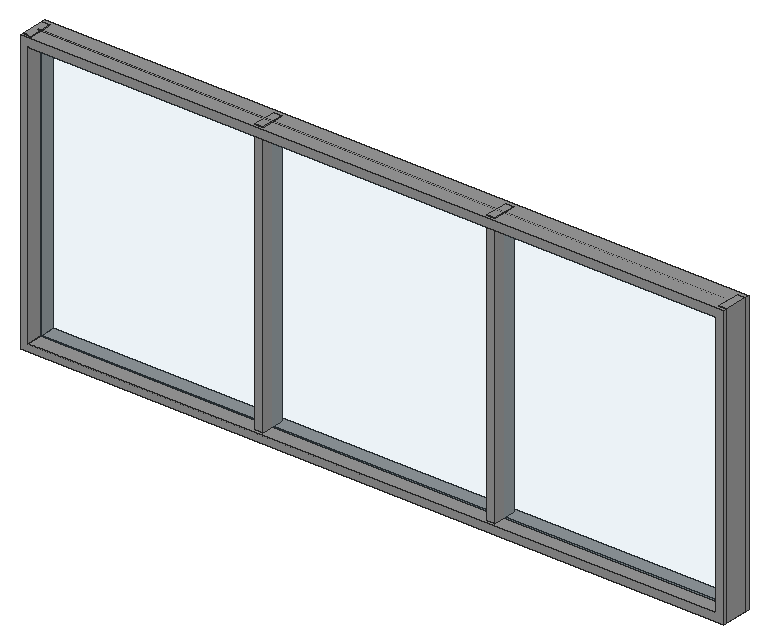
Revit family "CodeskBIM_Curtain_Window__Adaptive", category Windows, host Wall, Revit 2021
Family settings
  Host = Wall
  OmniClass Number = 23.30.20.00
  OmniClass Title = Windows
  Always vertical = Yes
  Cut with Voids When Loaded = No
  Shared = No
  Room Calculation Point = No
Parameters (values of type "(900.W X 700.H)")
  frame Material = Zinc
  Vertical Grid Spacing = 0 mm
  Vertical Curtain Grids = 4
  Transom Height = 360 mm
  Show/Hide Transom [instance] = no
  Height = 1800 mm
  Glass = Glass
  Frame Thickness = 50 mm
  Frame Length = 150 mm
  Define Thermal Properties by = Schematic Type
  Wall Closure = By host
  Width = 4500 mm
  Analytic Construction = "<None>"
Reference planes
  plane 1 "Center (Front/Back)": y = 0
  plane 2 "Center (Left/Right)": x = 0
  plane 3 "Left": x = -2250
  plane 4 "Right": x = 2250
  plane 5 "Sill": z = 900
  plane 6 "Head": z = 2700
  plane 7 "Exterior": y = 100
  plane 8 "Interior": y = -100
  plane 9: z = 2340
  plane 10 "2": x = -2200
  plane 11 "3": x = 2200
  plane 12: y = 75
  plane 13: y = -75
  plane 14: z = 1800
Forms (mm)
  Sweep 1, solid, material "Zinc" <- "frame Material"
    path origin (0, -100, 0) x (1, 0, 0) y (0, 0, 1)
      loop
        line (-2250, 900) -> (2250, 900) -> (2250, 2700) -> (-2250, 2700) -> (-2250, 900)
    profile origin (-2250, -100, 1800) x (-1, 0, 0) y (0, -1, 0)
      loop
        line (0, 0) -> (-50, 0) -> (-50, -94) -> (-34.618, -94) -> (-34.618, -106) -> (-50, -106) -> (-50, -200) -> (0, -200) -> (0, 0)
  Extrusion 2, solid, material "Glass" <- "Glass"
    sketch origin (-5000, 100, 0) x (-1, 0, 0) y (0, 0, 1)
      loop
        line (-7200, 2700) -> (-7200, 900) -> (-2784.618, 900) -> (-2784.618, 2700) -> (-7200, 2700)
    from -94 to -106
  Extrusion 3, solid, material "Zinc" <- "frame Material", visible <- "Show/Hide Transom"
    sketch origin (-2250, 0, 0) x (0, -1, 0) y (0, 0, 1)
      loop
        line (100, 2340) -> (100, 2390) -> (6, 2390) -> (6, 2374.618) -> (-6, 2374.618) -> (-6, 2390) -> (-100, 2390) -> (-100, 2340) -> (-6, 2340) -> (-6, 2355.382) -> (6, 2355.382) -> (6, 2340) -> (100, 2340)
    from -4500 to 0
Lines and regions (mm)
  Opening 1
    outline origin (3500, -100, 0) x (1, 0, 0) y (0, 0, 1)
      loop
        line (-1250, 900) -> (-1250, 2700) -> (-5750, 2700) -> (-5750, 900) -> (-1250, 900)
Text (mm)
  text "EXTERIOR" at (-1963.203, 1332.353, 0), in view "Ref. Level"
  text "INTERIOR" at (-1981.466, -818.386, 0), in view "Ref. Level"
  text "Exterior" at (0, 923.751, 2943.296), in view "Right"
  text "Exterior" at (0, 1040.484, 2685.409), in view "Left"
Dimensions and locks
  equal spacing: plane 3 "Left", plane 2 "Center (Left/Right)", plane 4 "Right"
  "Width": plane 3 "Left" to plane 4 "Right"
  "Height": plane 5 "Sill" to plane 6 "Head"
  plane 5 "Sill" to level = 900 mm
  locked: plane 7 "Exterior" to host wall
  locked: plane 8 "Interior" to host wall
  locked: Extrusion 3 sketch curve to Extrusion 3 sketch curve at 15.382
  locked: Extrusion 3 sketch curve to Extrusion 3 sketch curve at 50
  "Transom Height": plane 9 to plane 6 "Head"
  Sweep 1 sketch curve to host wall to Sweep 1 sketch curve = 6 mm locked, 6 mm locked
  Sweep 1 sketch curve to Sweep 1 sketch curve to Sweep 1 sketch curve = 34.618 mm locked, 15.382 mm locked
  "Frame Thickness": plane 3 "Left" to plane 10 "2"
  "Frame Thickness": plane 11 "3" to plane 4 "Right"
  "Frame Length": plane 12 to plane 13
  equal spacing: plane 12, plane 1 "Center (Front/Back)", plane 13
  equal spacing: plane 5 "Sill", plane 14, plane 6 "Head"
  equal spacing: group 2, group 4, group 3, group 1
  equal spacing: group 1, group 3, group 4, group 2  (x2)
  aligned and locked: Sweep 1 sketch curve to plane 3 "Left"
  aligned and locked: Sweep 1 sketch curve to plane 6 "Head"
  aligned and locked: Sweep 1 sketch curve to plane 4 "Right"
  aligned and locked: Sweep 1 sketch curve to plane 5 "Sill"
  aligned and locked: Extrusion 2 sketch curve to plane 6 "Head"
  aligned and locked: Extrusion 2 sketch curve to plane 5 "Sill"
  aligned and locked: Extrusion 2 to Sweep 1  (x4)
  aligned and locked: Extrusion 3 sketch curve to plane 9  (x2)
  aligned and locked: Extrusion 3 sketch curve to Extrusion 3 sketch curve
  aligned and locked: Extrusion 3 to plane 4 "Right"
  aligned and locked: plane 3 "Left" to Extrusion 3
  aligned and locked: plane 7 "Exterior" to Sweep 1 sketch curve
  aligned and locked: profile plane to Sweep 1 sketch curve
  aligned and locked: plane 3 "Left" to Sweep 1 sketch curve
  aligned and locked: Sweep 1 sketch curve to Sweep 1 sketch curve
  aligned and locked: nested 1 to plane 5 "Sill"
  aligned and locked: nested 1 to plane 4 "Right"
  aligned and locked: nested 1 to plane 13
  aligned and locked: nested 1 to plane 12
  aligned and locked: plane 5 "Sill" to nested 1
  aligned and locked: Sweep 1 to plane 4 "Right"
  aligned and locked: plane 6 "Head" to nested 1  (x2)
  aligned and locked: nested 2 to plane 3 "Left"
Automatic sketch dimensions
  Opening 1 sketch curve to plane 3 "Left" = 0 mm
  Opening 1 sketch curve to plane 4 "Right" = 0 mm
  Opening 1 sketch curve to plane 5 "Sill" = 0 mm
  Opening 1 sketch curve to plane 6 "Head" = 0 mm
  Extrusion 2 sketch curve to plane 3 "Left" = 34.618 mm
  plane 4 "Right" to Extrusion 2 sketch curve = 50 mm
  Extrusion 3 sketch curve to host wall = 0 mm  (x2)
  Extrusion 3 sketch curve to host wall = 6 mm  (x2)
  host wall to Extrusion 3 sketch curve = 6 mm  (x2)
  Extrusion 3 sketch curve to Extrusion 3 sketch curve = 15.382 mm
Nested families
  nested 1: "Timber_Frame" at (2225, 0, 900), type "Timber_Frame"
    with Height 1800 mm
  nested 2: "Timber_Frame" at (-2225, 0, 900), type "Timber_Frame"
    with Height 1800 mm
  nested 3: "Timber_Frame" at (741.667, 0, 900), type "Timber_Frame"
    with Height 1800 mm
  nested 4: "Timber_Frame" at (-741.667, 0, 900), type "Timber_Frame"
    with Height 1800 mm
Definition of nested family "Timber_Frame"
  Parameters (values of type "Timber_Frame")
    Thickness = 50 mm
    Length = 150 mm
    Height = 900 mm
    Frame Material = none
    Default Elevation = 0 mm
  Reference planes
    plane 1 "Center (Front/Back)": y = 0
    plane 2: z = 0
    plane 3 "Center (Left/Right)": x = 0
    plane 4: y = 75
    plane 5: y = -75
    plane 6: x = -25
    plane 7: x = 25
    plane 8: z = 900
  Forms (mm)
    Extrusion 1, solid, material <- "Frame Material"
      sketch origin (0, 0, 0) x (1, 0, 0) y (0, 1, 0)
        loop
          line (-25, 75) -> (-25, -75) -> (25, -75) -> (25, 75) -> (-25, 75)
      from 0 to 900
  Lines and regions (mm)
    Masking region 1
      outline origin (0, 0, 0) x (1, 0, 0) y (0, 1, 0)
        loop
          line (-25, 75) -> (-25, -75) -> (25, -75) -> (25, 75) -> (-25, 75)
  Dimensions and locks
    equal spacing: plane 6, plane 3 "Center (Left/Right)", plane 7
    "Thickness": plane 6 to plane 7
    equal spacing: plane 4, plane 1 "Center (Front/Back)", plane 5
    "Length": plane 4 to plane 5
    "Height": plane 8 to plane 2
    aligned and locked: level to plane 2
    aligned and locked: Extrusion 1 sketch curve to plane 4
    aligned and locked: Extrusion 1 sketch curve to plane 6
    aligned and locked: Extrusion 1 sketch curve to plane 7
    aligned and locked: Extrusion 1 sketch curve to plane 5
    aligned and locked: plane 8 to Extrusion 1
    aligned and locked: Extrusion 1 to level
    aligned and locked: Masking region 1 sketch curve to Extrusion 1  (x4)
